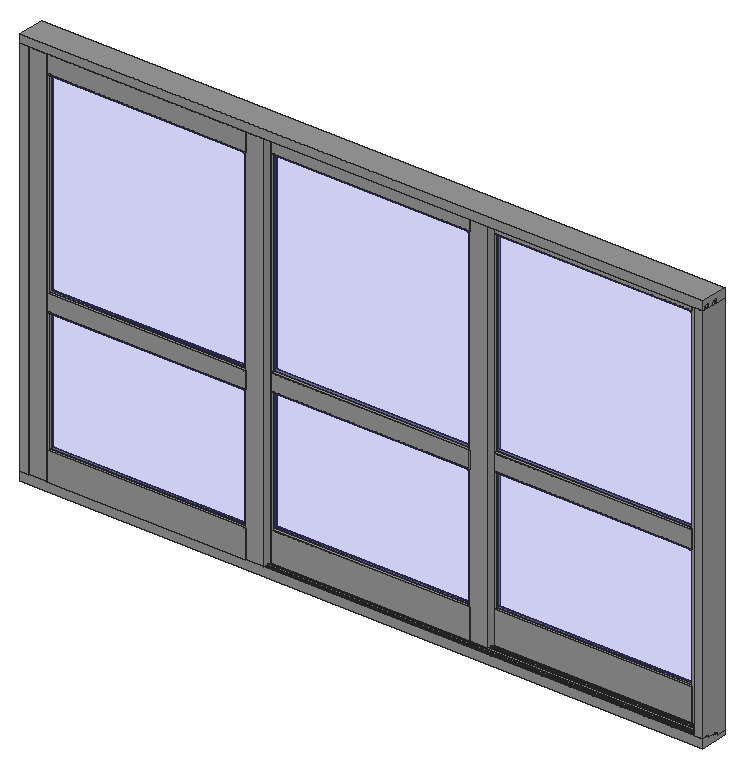
Revit family "VSD3.6G2TS RH", category Doors, host Wall, Revit 2015
Parameters (values of type "VSD3.6G2TS RH")
  Function = Interior
  Frame Projection Ext. = 25 mm
  Frame Projection Int. = 25 mm
  Frame Width = 75 mm
  Height = 2100 mm
  Wall Closure = By host
  Width = 3580 mm
Reference planes
  plane 1: y = 0
  plane 2 "Center (Left/Right)": x = 0
  plane 3 "Left": x = -1790
  plane 4 "Right": x = 1790
  plane 5: z = 2100
  plane 6 "Exterior": y = 75
  plane 7 "Interior": y = -75
  plane 8: x = -1745
  plane 9: x = -1640
  plane 10: x = 1745
  plane 11: x = 1640
  plane 12: x = -616.667
  plane 13: x = -511.667
  plane 14: x = 616.667
  plane 15: x = 511.667
  plane 16: x = -616.667
  plane 17: x = -511.667
  plane 18: x = 616.667
  plane 19: x = 511.667
  plane 20: x = 1640
  plane 21: x = 1745
  plane 22: x = 511.667
  plane 23: x = 616.667
Forms (mm)
  Extrusion 1, solid, material "Lauan, Meranti"
    sketch origin (0, 79.18, -119.746) x (0, 1, 0) y (0, 0, 1)
      loop
        line (-149.18, 119.746) -> (-9.18, 119.746) -> (-9.18, 140.746) -> (-61.18, 140.746) -> (-61.18, 151.746) -> (-85.18, 151.746) -> (-85.18, 152.746) -> (-117.18, 152.746) -> (-117.18, 163.746) -> (-141.18, 163.746) -> (-141.18, 164.746) -> (-149.18, 164.746) -> (-149.18, 119.746)
    from -1790 to 1790
  Extrusion 2, solid, material "Lauan, Meranti"
    sketch origin (0, 0, 0) x (0, 1, 0) y (0, 0, 1)
      loop
        line (70, 2100) -> (-70, 2100) -> (-70, 2055) -> (-61, 2055) -> (-61, 2075) -> (-39, 2075) -> (-39, 2055) -> (-5, 2055) -> (-5, 2075) -> (17, 2075) -> (17, 2055) -> (70, 2055) -> (70, 2100)
    from -1790 to 1790
  Extrusion 3, solid, material "Lauan, Meranti"
    sketch origin (0, 0, 0) x (1, 0, 0) y (0, 1, 0)
      loop
        line (-1790, 70) -> (-1790, -70) -> (-1745, -70) -> (-1745, 50) -> (-1747, 50) -> (-1747, 70) -> (-1790, 70)
      loop
        line (1790, 70) -> (1747, 70) -> (1747, 50) -> (1745, 50) -> (1745, -70) -> (1790, -70) -> (1790, 70)
    from 45 to 2055
  Extrusion 4, solid, material "Lauan, Meranti"
    sketch origin (0, 0, 0) x (1, 0, 0) y (0, 1, 0)
      loop
        line (-1745, 50) -> (-1747, 50) -> (-1747, 70) -> (-1790, 70) -> (-1790, -38) -> (-1745, -38) -> (-1745, 50)
      loop
        line (1745, 50) -> (1745, -38) -> (1790, -38) -> (1790, 70) -> (1747, 70) -> (1747, 50) -> (1745, 50)
    from 33 to 45
  Extrusion 5, solid, material "Steel, Chrome Plated"
    sketch origin (0, 0, 0) x (0, 1, 0) y (0, 0, 1)
      loop
        line (-38, 45) -> (-49, 45) -> (-49, 46.882)
        arc (-49, 46.882) -> (-50, 49.5) -> (-51, 46.882) r 1.5
        line (-51, 46.882) -> (-51, 45) -> (-62, 45) -> (-62, 44) -> (-38, 44) -> (-38, 45)
    from -1790 to 1790
  Extrusion 6, solid, material "Lauan, Meranti"
    sketch origin (0, 0, 0) x (1, 0, 0) y (0, 1, 0)
      loop
        line (-1790, 70) -> (-1790, 18) -> (-1745, 18) -> (-1745, 50) -> (-1747, 50) -> (-1747, 70) -> (-1790, 70)
      loop
        line (1790, 70) -> (1747, 70) -> (1747, 50) -> (1745, 50) -> (1745, 18) -> (1790, 18) -> (1790, 70)
    from 21 to 33
  Extrusion 7, solid, material "Steel, Chrome Plated"
    sketch origin (0, 56, -12) x (0, 1, 0) y (0, 0, 1)
      loop
        line (-38, 45) -> (-49, 45) -> (-49, 46.882)
        arc (-49, 46.882) -> (-50, 49.5) -> (-51, 46.882) r 1.5
        line (-51, 46.882) -> (-51, 45) -> (-62, 45) -> (-62, 44) -> (-38, 44) -> (-38, 45)
    from -616.667 to 1790
  Extrusion 8, solid, material "Lauan, Meranti"
    sketch origin (0, 0, 0) x (1, 0, 0) y (0, 1, 0)
      loop
        line (-1649, -70) -> (-1649, -68)
        arc (-1649, -68) -> (-1644.265, -66.44) -> (-1642, -62) r 6.549
        line (-1642, -62) -> (-1640, -62) -> (-1640, -60) -> (-1649, -60) -> (-1649, -30) -> (-1745, -30) -> (-1745, -70) -> (-1649, -70)
      loop
        line (-607.667, -70) -> (-511.667, -70) -> (-511.667, -30) -> (-607.667, -30) -> (-607.667, -60) -> (-616.667, -60) -> (-616.667, -62) -> (-614.667, -62)
        arc (-614.667, -62) -> (-612.401, -66.44) -> (-607.667, -68) r 6.549
        line (-607.667, -68) -> (-607.667, -70)
    from 45 to 2055
  Extrusion 9, solid, material "Lauan, Meranti"
    sketch origin (1630, 104, 0) x (1, 0, 0) y (0, 1, 0)
      loop
        line (19, -70) -> (115, -70) -> (115, -30) -> (19, -30) -> (19, -60) -> (10, -60) -> (10, -62) -> (12, -62)
        arc (12, -62) -> (14.265, -66.44) -> (19, -68) r 6.549
        line (19, -68) -> (19, -70)
      loop
        line (-1022.333, -70) -> (-1022.333, -68)
        arc (-1022.333, -68) -> (-1017.599, -66.44) -> (-1015.333, -62) r 6.549
        line (-1015.333, -62) -> (-1013.333, -62) -> (-1013.333, -60) -> (-1022.333, -60) -> (-1022.333, -30) -> (-1118.333, -30) -> (-1118.333, -70) -> (-1022.333, -70)
    from 21 to 2055
  Extrusion 10, solid, material "Lauan, Meranti"
    sketch origin (815, 56, 0) x (1, 0, 0) y (0, 1, 0)
      loop
        line (-1335.667, -70) -> (-1335.667, -68)
        arc (-1335.667, -68) -> (-1330.932, -66.44) -> (-1328.667, -62) r 6.549
        line (-1328.667, -62) -> (-1326.667, -62) -> (-1326.667, -60) -> (-1335.667, -60) -> (-1335.667, -30) -> (-1431.667, -30) -> (-1431.667, -70) -> (-1335.667, -70)
      loop
        line (-294.333, -70) -> (-198.333, -70) -> (-198.333, -30) -> (-294.333, -30) -> (-294.333, -60) -> (-303.333, -60) -> (-303.333, -62) -> (-301.333, -62)
        arc (-301.333, -62) -> (-299.068, -66.44) -> (-294.333, -68) r 6.549
        line (-294.333, -68) -> (-294.333, -70)
    from 33 to 2055
  Extrusion 11, solid, material "Steel, Chrome Plated"
    sketch origin (0, 0, 0) x (0, 1, 0) y (0, 0, 1)
      loop
        line (16.5, 2075) -> (-4.5, 2075) -> (-4.5, 2055) -> (-2.3, 2055) -> (-2.3, 2072.8) -> (14.3, 2072.8) -> (14.3, 2055) -> (16.5, 2055) -> (16.5, 2075)
    from -1790 to 1790
  Extrusion 12, solid, material "Steel, Chrome Plated"
    sketch origin (0, -56, 0) x (0, 1, 0) y (0, 0, 1)
      loop
        line (16.5, 2075) -> (-4.5, 2075) -> (-4.5, 2055) -> (-2.3, 2055) -> (-2.3, 2072.8) -> (14.3, 2072.8) -> (14.3, 2055) -> (16.5, 2055) -> (16.5, 2075)
    from -1790 to 1790
  Extrusion 13, solid, material "Lauan, Meranti"
    sketch origin (1710.468, 46.5, 0) x (0, 1, 0) y (0, 0, 1)
      loop
        line (-4.5, 1952) -> (-4.5, 1950) -> (-2.5, 1950) -> (-2.5, 1959) -> (27.5, 1959) -> (27.5, 2055) -> (-12.5, 2055) -> (-12.5, 1959) -> (-10.5, 1959)
        arc (-10.5, 1959) -> (-8.866, 1954.33) -> (-4.5, 1952) r 6.807
      loop
        line (-12.5, 192) -> (-12.5, 21) -> (27.5, 21) -> (27.5, 192) -> (-2.5, 192) -> (-2.5, 201) -> (-4.5, 201) -> (-4.5, 199)
        arc (-4.5, 199) -> (-8.866, 196.67) -> (-10.5, 192) r 6.807
        line (-10.5, 192) -> (-12.5, 192)
      loop
        line (-5.5, 930) -> (-5.5, 939) -> (-7.5, 939) -> (-7.5, 937)
        arc (-7.5, 937) -> (-11.866, 934.67) -> (-13.5, 930) r 6.807
        line (-13.5, 930) -> (-15.5, 930) -> (-15.5, 843) -> (-13.5, 843)
        arc (-13.5, 843) -> (-11.866, 838.33) -> (-7.5, 836) r 6.807
        line (-7.5, 836) -> (-7.5, 834) -> (-5.5, 834) -> (-5.5, 843) -> (24.5, 843) -> (24.5, 930) -> (-5.5, 930)
    from -1102.801 to -61.468
  Sweep 14, solid, material "Lauan, Meranti"
    path origin (866.541, -71.95, -1407.63) x (1, 0, 0) y (0, 0, 1)
      loop
        line (-258.874, 3366.63) -> (-258.874, 2337.63) -> (782.459, 2337.63) -> (782.459, 3366.63) -> (-258.874, 3366.63)
    profile origin (1128.333, -71.95, 1959) x (0, 0, 1) y (0, -1, 0)
      loop
        line (-9, -124.5) -> (-9, -126.5) -> (-7, -126.5)
        arc (-7, -126.5) -> (-4.67, -130.866) -> (0, -132.5) r 6.807
        line (0, -132.5) -> (0, -124.5) -> (-9, -124.5)
  Extrusion 15, solid, material "Glass"
    sketch origin (1161.517, -61, -241.167) x (1, 0, 0) y (0, 0, 1)
      loop
        line (-553.85, 2200.167) -> (-553.85, 1171.167) -> (487.483, 1171.167) -> (487.483, 2200.167) -> (-553.85, 2200.167)
      loop
        line (-553.85, 1084.167) -> (-553.85, 433.167) -> (487.483, 433.167) -> (487.483, 1084.167) -> (-553.85, 1084.167)
    from -112.5 to -106.1
  Sweep 16, solid, material "Lauan, Meranti"
    path origin (866.541, -71.95, -2523.63) x (1, 0, 0) y (0, 0, 1)
      loop
        line (-258.874, 3366.63) -> (-258.874, 2715.63) -> (782.459, 2715.63) -> (782.459, 3366.63) -> (-258.874, 3366.63)
    profile origin (1128.333, -71.95, 843) x (0, 0, 1) y (0, -1, 0)
      loop
        line (-9, -124.5) -> (-9, -126.5) -> (-7, -126.5)
        arc (-7, -126.5) -> (-4.67, -130.866) -> (0, -132.5) r 6.807
        line (0, -132.5) -> (0, -124.5) -> (-9, -124.5)
  Extrusion 17, solid, material "Lauan, Meranti"
    sketch origin (417.134, 46.5, 0) x (0, 1, 0) y (0, 0, 1)
      loop
        line (-52.5, 1952) -> (-52.5, 1950) -> (-50.5, 1950) -> (-50.5, 1959) -> (-20.5, 1959) -> (-20.5, 2055) -> (-60.5, 2055) -> (-60.5, 1959) -> (-58.5, 1959)
        arc (-58.5, 1959) -> (-56.866, 1954.33) -> (-52.5, 1952) r 6.807
      loop
        line (-60.5, 192) -> (-60.5, 33) -> (-20.5, 33) -> (-20.5, 192) -> (-50.5, 192) -> (-50.5, 201) -> (-52.5, 201) -> (-52.5, 199)
        arc (-52.5, 199) -> (-56.866, 196.67) -> (-58.5, 192) r 6.807
        line (-58.5, 192) -> (-60.5, 192)
      loop
        line (-52, 930) -> (-52, 939) -> (-54, 939) -> (-54, 937)
        arc (-54, 937) -> (-58.366, 934.67) -> (-60, 930) r 6.807
        line (-60, 930) -> (-62, 930) -> (-62, 843) -> (-60, 843)
        arc (-60, 843) -> (-58.366, 838.33) -> (-54, 836) r 6.807
        line (-54, 836) -> (-54, 834) -> (-52, 834) -> (-52, 843) -> (-22, 843) -> (-22, 930) -> (-52, 930)
    from -937.801 to 103.532
  Sweep 18, solid, material "Lauan, Meranti"
    path origin (-261.802, -119.95, -1407.63) x (1, 0, 0) y (0, 0, 1)
      loop
        line (-258.864, 3366.63) -> (-258.864, 2337.63) -> (782.459, 2337.63) -> (782.459, 3366.63) -> (-258.864, 3366.63)
    profile origin (-0.005, -119.95, 1959) x (0, 0, 1) y (0, -1, 0)
      loop
        line (-9, -124.5) -> (-9, -126.5) -> (-7, -126.5)
        arc (-7, -126.5) -> (-4.67, -130.866) -> (0, -132.5) r 6.807
        line (0, -132.5) -> (0, -124.5) -> (-9, -124.5)
  Extrusion 19, solid, material "Glass"
    sketch origin (33.174, -109, -241.167) x (1, 0, 0) y (0, 0, 1)
      loop
        line (-553.841, 2200.167) -> (-553.841, 1171.167) -> (487.483, 1171.167) -> (487.483, 2200.167) -> (-553.841, 2200.167)
      loop
        line (-553.841, 1084.167) -> (-553.841, 433.508) -> (487.483, 433.508) -> (487.483, 1084.167) -> (-553.841, 1084.167)
    from -112.5 to -106.1
  Sweep 20, solid, material "Lauan, Meranti"
    path origin (-261.802, -119.95, -2523.63) x (1, 0, 0) y (0, 0, 1)
      loop
        line (-258.864, 3366.63) -> (-258.864, 2715.63) -> (782.459, 2715.63) -> (782.459, 3366.63) -> (-258.864, 3366.63)
    profile origin (-0.005, -119.95, 843) x (0, 0, 1) y (0, -1, 0)
      loop
        line (-9, -124.5) -> (-9, -126.5) -> (-7, -126.5)
        arc (-7, -126.5) -> (-4.67, -130.866) -> (0, -132.5) r 6.807
        line (0, -132.5) -> (0, -124.5) -> (-9, -124.5)
  Extrusion 21, solid, material "Lauan, Meranti"
    sketch origin (-816.199, 46.5, 0) x (0, 1, 0) y (0, 0, 1)
      loop
        line (-108.5, 1952) -> (-108.5, 1950) -> (-106.5, 1950) -> (-106.5, 1959) -> (-76.5, 1959) -> (-76.5, 2055) -> (-116.5, 2055) -> (-116.5, 1959) -> (-114.5, 1959)
        arc (-114.5, 1959) -> (-112.866, 1954.33) -> (-108.5, 1952) r 6.807
      loop
        line (-116.5, 192) -> (-116.5, 45) -> (-76.5, 45) -> (-76.5, 192) -> (-106.5, 192) -> (-106.5, 201) -> (-108.5, 201) -> (-108.5, 199)
        arc (-108.5, 199) -> (-112.866, 196.67) -> (-114.5, 192) r 6.807
        line (-114.5, 192) -> (-116.5, 192)
      loop
        line (-76.5, 930) -> (-106.5, 930) -> (-106.5, 939) -> (-108.5, 939) -> (-108.5, 937)
        arc (-108.5, 937) -> (-112.866, 934.67) -> (-114.5, 930) r 6.807
        line (-114.5, 930) -> (-116.5, 930) -> (-116.5, 843) -> (-114.5, 843)
        arc (-114.5, 843) -> (-112.866, 838.33) -> (-108.5, 836) r 6.807
        line (-108.5, 836) -> (-108.5, 834) -> (-106.5, 834) -> (-106.5, 843) -> (-76.5, 843) -> (-76.5, 930)
    from -832.801 to 208.532
  Sweep 22, solid, material "Lauan, Meranti"
    path origin (-1390.136, -175.95, -1407.63) x (1, 0, 0) y (0, 0, 1)
      loop
        line (-258.864, 3366.63) -> (-258.864, 2337.63) -> (782.459, 2337.63) -> (782.459, 3366.63) -> (-258.864, 3366.63)
    profile origin (-1128.338, -175.95, 1959) x (0, 0, 1) y (0, -1, 0)
      loop
        line (-9, -124.5) -> (-9, -126.5) -> (-7, -126.5)
        arc (-7, -126.5) -> (-4.67, -130.866) -> (0, -132.5) r 6.807
        line (0, -132.5) -> (0, -124.5) -> (-9, -124.5)
  Extrusion 23, solid, material "Glass"
    sketch origin (-1095.159, -165, -241.167) x (1, 0, 0) y (0, 0, 1)
      loop
        line (-553.841, 2200.167) -> (-553.841, 1171.167) -> (487.483, 1171.167) -> (487.483, 2200.167) -> (-553.841, 2200.167)
      loop
        line (-553.841, 1084.167) -> (-553.841, 431.005) -> (487.483, 431.005) -> (487.483, 1084.167) -> (-553.841, 1084.167)
    from -112.5 to -106.1
  Sweep 24, solid, material "Lauan, Meranti"
    path origin (-1390.136, -175.95, -2523.63) x (1, 0, 0) y (0, 0, 1)
      loop
        line (-258.864, 3366.63) -> (-258.864, 2715.63) -> (782.459, 2715.63) -> (782.459, 3366.63) -> (-258.864, 3366.63)
    profile origin (-1128.338, -175.95, 843) x (0, 0, 1) y (0, -1, 0)
      loop
        line (-9, -124.5) -> (-9, -126.5) -> (-7, -126.5)
        arc (-7, -126.5) -> (-4.67, -130.866) -> (0, -132.5) r 6.807
        line (0, -132.5) -> (0, -124.5) -> (-9, -124.5)
Cuts and joins
  joined: Extrusion 3, Extrusion 4, Extrusion 6
Lines and regions (mm)
  Opening 1
    outline origin (-5000, -75, 0) x (1, 0, 0) y (0, 0, 1)
      loop
        line (3210, 0) -> (6790, 0) -> (6790, 2100) -> (3210, 2100) -> (3210, 0)
  model lines
    curve 1: line (-255.153, 99.5, 1050) -> (85.77, 99.5, 1050)
    curve 2: line (224.847, 99.5, 1050) -> (85.77, 99.5, 1106.191)
    curve 3: line (85.77, 99.5, 1106.191) -> (85.77, 99.5, 993.809)
    curve 4: line (224.847, 99.5, 1050) -> (85.77, 99.5, 993.809)
    curve 5: line (-1383.486, 99.5, 1050) -> (-1042.564, 99.5, 1050)
    curve 6: line (-903.486, 99.5, 1050) -> (-1042.564, 99.5, 1106.191)
    curve 7: line (-1042.564, 99.5, 1106.191) -> (-1042.564, 99.5, 993.809)
    curve 8: line (-903.486, 99.5, 1050) -> (-1042.564, 99.5, 993.809)
Text (mm)
  text "Exterior" at (-2295.016, 1099.543, 0), in view "Ref. Level"
  text "Exterior" at (0, 1615.38, 3698.081), in view "Left"
  text "Exterior" at (0, 1036.032, 3874.932), in view "Right"
Dimensions and locks
  equal spacing: plane 3 "Left", plane 2 "Center (Left/Right)", plane 4 "Right"
  "Width": plane 3 "Left" to plane 4 "Right"
  "Height": plane 5 to host wall
  host wall to plane 5 = 2100 mm  (x2)
  locked: plane 6 "Exterior" to host wall at 0
  locked: plane 7 "Interior" to host wall
  plane 3 "Left" to plane 4 "Right" = 3580 mm
  aligned and locked: plane 1 to host wall
  aligned and locked: Opening 1 sketch curve to level
  aligned and locked: Extrusion 9 to Extrusion 13
  aligned and locked: Extrusion 10 to Extrusion 17
  aligned and locked: Extrusion 8 to Extrusion 21
Automatic sketch dimensions
  curve 7 to plane 3 "Left" = 747.436 mm
  curve 5 to curve 8 = 139.078 mm
  plane 2 "Center (Left/Right)" to curve 3 = 85.77 mm
  curve 1 to curve 4 = 139.078 mm
  level to curve 4 = 993.809 mm
  level to curve 7 = 993.809 mm
  curve 7 to curve 8 = 56.191 mm
  curve 3 to curve 4 = 56.191 mm
  curve 3 to curve 3 = 112.382 mm
  curve 7 to curve 7 = 112.382 mm
  curve 5 to curve 5 = 340.922 mm
  curve 1 to plane 2 "Center (Left/Right)" = 255.153 mm
  curve 3 to curve 1 = 56.191 mm
  curve 5 to curve 6 = 56.191 mm
  plane 3 "Left" to Opening 1 sketch curve = 0 mm
  plane 4 "Right" to Opening 1 sketch curve = 0 mm
  Opening 1 sketch curve to plane 5 = 0 mm
  Extrusion 1 sketch curve to level = 0 mm
  Extrusion 1 sketch curve to host wall = 5 mm  (x2)
  Extrusion 1 sketch curve to Extrusion 1 sketch curve = 8 mm
  Extrusion 1 sketch curve to Extrusion 1 sketch curve = 24 mm
  host wall to Extrusion 1 sketch curve = 6 mm
  Extrusion 1 sketch curve to host wall = 18 mm
  level to Extrusion 1 sketch curve = 21 mm
  Extrusion 1 sketch curve to Extrusion 1 sketch curve = 11 mm  (x2)
  Extrusion 1 sketch curve to Extrusion 1 sketch curve = 1 mm  (x2)
  plane 5 to Extrusion 2 sketch curve = 0 mm
  Extrusion 2 sketch curve to host wall = 5 mm  (x2)
  Extrusion 2 sketch curve to Extrusion 2 sketch curve = 9 mm
  Extrusion 2 sketch curve to Extrusion 2 sketch curve = 22 mm
  host wall to Extrusion 2 sketch curve = 5 mm
  Extrusion 2 sketch curve to host wall = 17 mm
  plane 5 to Extrusion 2 sketch curve = 25 mm  (x2)
  Extrusion 2 sketch curve to Extrusion 2 sketch curve = 20 mm  (x3)
  Extrusion 3 sketch curve to plane 3 "Left" = 0 mm
  Extrusion 3 sketch curve to plane 4 "Right" = 0 mm
  Extrusion 3 sketch curve to plane 3 "Left" = 43 mm
  Extrusion 3 sketch curve to host wall = 5 mm  (x4)
  Extrusion 3 sketch curve to Extrusion 3 sketch curve = 45 mm
  plane 4 "Right" to Extrusion 3 sketch curve = 45 mm
  Extrusion 3 sketch curve to Extrusion 3 sketch curve = 2 mm
  Extrusion 3 sketch curve to host wall = 25 mm  (x2)
  Extrusion 4 sketch curve to plane 3 "Left" = 0 mm
  Extrusion 4 sketch curve to plane 4 "Right" = 0 mm
  Extrusion 4 sketch curve to plane 3 "Left" = 43 mm
  Extrusion 4 sketch curve to Extrusion 4 sketch curve = 2 mm  (x2)
  plane 4 "Right" to Extrusion 4 sketch curve = 45 mm
  Extrusion 4 sketch curve to host wall = 5 mm  (x2)
  Extrusion 4 sketch curve to host wall = 25 mm
  Extrusion 4 sketch curve to Extrusion 4 sketch curve = 20 mm
  Extrusion 4 sketch curve to host wall = 37 mm  (x2)
  Extrusion 5 sketch curve to host wall = 13 mm
  Extrusion 5 sketch curve to Extrusion 5 sketch curve = 11 mm  (x2)
  Extrusion 5 sketch curve to Extrusion 5 sketch curve = 1 mm  (x4)
  level to Extrusion 5 sketch curve = 44 mm
  Extrusion 5 sketch curve to Extrusion 5 sketch curve = 1.882 mm
  Extrusion 5 sketch curve to Extrusion 5 sketch curve = 1.118 mm
  Extrusion 6 sketch curve to plane 3 "Left" = 0 mm
  Extrusion 6 sketch curve to plane 4 "Right" = 0 mm
  Extrusion 6 sketch curve to host wall = 5 mm  (x2)
  Extrusion 6 sketch curve to Extrusion 6 sketch curve = 43 mm
  Extrusion 6 sketch curve to Extrusion 6 sketch curve = 2 mm  (x2)
  Extrusion 6 sketch curve to host wall = 18 mm  (x2)
  Extrusion 6 sketch curve to Extrusion 6 sketch curve = 45 mm
  Extrusion 6 sketch curve to Extrusion 6 sketch curve = 20 mm
  Extrusion 6 sketch curve to host wall = 25 mm
  host wall to Extrusion 7 sketch curve = 6 mm
  Extrusion 7 sketch curve to host wall = 5 mm
  Extrusion 7 sketch curve to Extrusion 7 sketch curve = 1 mm  (x4)
  Extrusion 7 sketch curve to Extrusion 7 sketch curve = 11 mm
  level to Extrusion 7 sketch curve = 32 mm
  Extrusion 7 sketch curve to Extrusion 7 sketch curve = 1.882 mm
  Extrusion 7 sketch curve to Extrusion 7 sketch curve = 1.118 mm
  Extrusion 8 sketch curve to plane 8 = 0 mm
  Extrusion 8 sketch curve to plane 9 = 0 mm
  Extrusion 8 sketch curve to plane 12 = 0 mm
  Extrusion 8 sketch curve to plane 13 = 0 mm
  plane 9 to Extrusion 8 sketch curve = 9 mm  (x2)
  Extrusion 8 sketch curve to Extrusion 8 sketch curve = 0.473 mm  (x3)
  Extrusion 8 sketch curve to Extrusion 8 sketch curve = 2 mm  (x5)
  Extrusion 8 sketch curve to Extrusion 8 sketch curve = 6.527 mm
  Extrusion 8 sketch curve to host wall = 5 mm  (x2)
  Extrusion 8 sketch curve to Extrusion 8 sketch curve = 6 mm  (x2)
  Extrusion 8 sketch curve to Extrusion 8 sketch curve = 1.468 mm
  host wall to Extrusion 8 sketch curve = 30 mm  (x2)
  Extrusion 9 sketch curve to plane 22 = 0 mm
  Extrusion 9 sketch curve to plane 23 = 0 mm
  Extrusion 9 sketch curve to plane 20 = 0 mm
  Extrusion 9 sketch curve to plane 21 = 0 mm
  Extrusion 9 sketch curve to Extrusion 9 sketch curve = 9 mm
  Extrusion 9 sketch curve to Extrusion 9 sketch curve = 0 mm
  Extrusion 9 sketch curve to Extrusion 9 sketch curve = 0.473 mm  (x2)
  Extrusion 9 sketch curve to Extrusion 9 sketch curve = 2 mm  (x6)
  Extrusion 9 sketch curve to Extrusion 9 sketch curve = 6.527 mm
  Extrusion 9 sketch curve to host wall = 1 mm  (x2)
  Extrusion 9 sketch curve to plane 20 = 9 mm
  Extrusion 9 sketch curve to host wall = 31 mm  (x2)
  Extrusion 9 sketch curve to Extrusion 9 sketch curve = 1.468 mm  (x2)
  Extrusion 10 sketch curve to plane 16 = 0 mm
  Extrusion 10 sketch curve to plane 17 = 0 mm
  Extrusion 10 sketch curve to plane 19 = 0 mm
  Extrusion 10 sketch curve to plane 18 = 0 mm
  plane 17 to Extrusion 10 sketch curve = 9 mm  (x2)
  Extrusion 10 sketch curve to Extrusion 10 sketch curve = 0.473 mm  (x3)
  Extrusion 10 sketch curve to Extrusion 10 sketch curve = 2 mm  (x5)
  host wall to Extrusion 10 sketch curve = 5.468 mm
  Extrusion 10 sketch curve to Extrusion 10 sketch curve = 6.527 mm
  host wall to Extrusion 10 sketch curve = 6 mm  (x2)
  Extrusion 10 sketch curve to Extrusion 10 sketch curve = 6 mm
  Extrusion 10 sketch curve to Extrusion 10 sketch curve = 1.468 mm
  Extrusion 10 sketch curve to host wall = 26 mm  (x2)
  host wall to Extrusion 11 sketch curve = 4.5 mm
  host wall to Extrusion 11 sketch curve = 2.3 mm
  Extrusion 11 sketch curve to host wall = 14.3 mm
  Extrusion 11 sketch curve to Extrusion 11 sketch curve = 2.2 mm  (x2)
  plane 5 to Extrusion 11 sketch curve = 45 mm
  Extrusion 11 sketch curve to Extrusion 11 sketch curve = 0 mm
  Extrusion 11 sketch curve to Extrusion 11 sketch curve = 17.8 mm
  Extrusion 12 sketch curve to host wall = 14.5 mm
  Extrusion 12 sketch curve to Extrusion 12 sketch curve = 2.2 mm  (x3)
  Extrusion 12 sketch curve to Extrusion 12 sketch curve = 16.6 mm
  plane 5 to Extrusion 12 sketch curve = 45 mm
  Extrusion 12 sketch curve to Extrusion 12 sketch curve = 0 mm
  Extrusion 12 sketch curve to Extrusion 12 sketch curve = 17.8 mm
  Extrusion 13 sketch curve to host wall = 31 mm
  Extrusion 13 sketch curve to Extrusion 13 sketch curve = 2 mm  (x11)
  Extrusion 13 sketch curve to host wall = 34 mm  (x2)
  Extrusion 13 sketch curve to Extrusion 13 sketch curve = 6 mm  (x4)
  Extrusion 13 sketch curve to Extrusion 13 sketch curve = 6.803 mm  (x2)
  Extrusion 13 sketch curve to Extrusion 13 sketch curve = 0.803 mm  (x2)
  Extrusion 13 sketch curve to Extrusion 13 sketch curve = 1.197 mm
  Extrusion 13 sketch curve to host wall = 4 mm
  Extrusion 13 sketch curve to host wall = 1 mm  (x2)
  level to Extrusion 13 sketch curve = 21 mm
  Extrusion 13 sketch curve to Extrusion 13 sketch curve = 171 mm
  Extrusion 13 sketch curve to Extrusion 13 sketch curve = 0 mm  (x2)
  Extrusion 13 sketch curve to Extrusion 13 sketch curve = 0.241 mm  (x4)
  Extrusion 13 sketch curve to Extrusion 13 sketch curve = 633 mm
  Extrusion 13 sketch curve to Extrusion 13 sketch curve = 6.759 mm  (x2)
  Extrusion 13 sketch curve to Extrusion 13 sketch curve = 87 mm
  plane 5 to Extrusion 13 sketch curve = 150 mm
  plane 5 to Extrusion 13 sketch curve = 45 mm
  plane 2 "Center (Left/Right)" to Sweep 14 sketch curve = 607.667 mm
  plane 4 "Right" to Sweep 14 sketch curve = 141 mm
  level to Sweep 14 sketch curve = 930 mm
  plane 5 to Sweep 14 sketch curve = 141 mm
  profile plane to Sweep 14 sketch curve = 0 mm
  profile plane to Sweep 14 sketch curve = 0.241 mm
  Sweep 14 sketch curve to Sweep 14 sketch curve = 6.759 mm
  Sweep 14 sketch curve to Sweep 14 sketch curve = 2 mm  (x2)
  Sweep 14 sketch curve to profile plane = 132.5 mm
  Sweep 14 sketch curve to Sweep 14 sketch curve = 6 mm
  plane 5 to Extrusion 15 sketch curve = 141 mm
  plane 2 "Center (Left/Right)" to Extrusion 15 sketch curve = 607.667 mm  (x2)
  level to Extrusion 15 sketch curve = 192 mm
  plane 4 "Right" to Extrusion 15 sketch curve = 141 mm  (x2)
  Extrusion 15 sketch curve to Extrusion 15 sketch curve = 651 mm
  Extrusion 15 sketch curve to Extrusion 15 sketch curve = 87 mm
  level to Sweep 16 sketch curve = 192 mm
  plane 2 "Center (Left/Right)" to Sweep 16 sketch curve = 607.667 mm
  plane 4 "Right" to Sweep 16 sketch curve = 141 mm
  Sweep 16 sketch curve to Sweep 16 sketch curve = 651 mm
  profile plane to Sweep 16 sketch curve = 0 mm
  profile plane to Sweep 16 sketch curve = 0.241 mm
  Sweep 16 sketch curve to Sweep 16 sketch curve = 6.759 mm
  Sweep 16 sketch curve to Sweep 16 sketch curve = 2 mm  (x2)
  Sweep 16 sketch curve to profile plane = 132.5 mm
  Sweep 16 sketch curve to Sweep 16 sketch curve = 6 mm
  host wall to Extrusion 17 sketch curve = 15.5 mm
  host wall to Extrusion 17 sketch curve = 14 mm  (x2)
  Extrusion 17 sketch curve to Extrusion 17 sketch curve = 2 mm  (x9)
  host wall to Extrusion 17 sketch curve = 7.5 mm  (x2)
  host wall to Extrusion 17 sketch curve = 6.697 mm  (x2)
  host wall to Extrusion 17 sketch curve = 6 mm  (x2)
  Extrusion 17 sketch curve to Extrusion 17 sketch curve = 1.197 mm  (x3)
  host wall to Extrusion 17 sketch curve = 5.197 mm  (x2)
  Extrusion 17 sketch curve to host wall = 24.5 mm
  Extrusion 17 sketch curve to host wall = 26 mm  (x2)
  level to Extrusion 17 sketch curve = 33 mm
  Extrusion 17 sketch curve to Extrusion 17 sketch curve = 159 mm
  Extrusion 17 sketch curve to Extrusion 17 sketch curve = 0 mm  (x2)
  Extrusion 17 sketch curve to Extrusion 17 sketch curve = 0.241 mm  (x4)
  Extrusion 17 sketch curve to Extrusion 17 sketch curve = 633 mm
  Extrusion 17 sketch curve to Extrusion 17 sketch curve = 6.759 mm  (x2)
  Extrusion 17 sketch curve to Extrusion 17 sketch curve = 87 mm
  plane 5 to Extrusion 17 sketch curve = 150 mm
  plane 5 to Extrusion 17 sketch curve = 45 mm
  Sweep 18 sketch curve to plane 2 "Center (Left/Right)" = 520.667 mm
  plane 2 "Center (Left/Right)" to Sweep 18 sketch curve = 520.657 mm
  level to Sweep 18 sketch curve = 930 mm
  plane 5 to Sweep 18 sketch curve = 141 mm
  profile plane to Sweep 18 sketch curve = 0 mm
  profile plane to Sweep 18 sketch curve = 0.241 mm
  Sweep 18 sketch curve to Sweep 18 sketch curve = 6.759 mm
  Sweep 18 sketch curve to Sweep 18 sketch curve = 2 mm  (x2)
  Sweep 18 sketch curve to profile plane = 132.5 mm
  Sweep 18 sketch curve to Sweep 18 sketch curve = 6 mm
  plane 5 to Extrusion 19 sketch curve = 141 mm
  Extrusion 19 sketch curve to plane 2 "Center (Left/Right)" = 520.667 mm  (x2)
  level to Extrusion 19 sketch curve = 192.342 mm
  plane 2 "Center (Left/Right)" to Extrusion 19 sketch curve = 520.657 mm  (x2)
  Extrusion 19 sketch curve to Extrusion 19 sketch curve = 650.658 mm
  Extrusion 19 sketch curve to Extrusion 19 sketch curve = 87 mm
  level to Sweep 20 sketch curve = 192 mm
  Sweep 20 sketch curve to plane 2 "Center (Left/Right)" = 520.667 mm
  plane 2 "Center (Left/Right)" to Sweep 20 sketch curve = 520.657 mm
  Sweep 20 sketch curve to Sweep 20 sketch curve = 651 mm
  profile plane to Sweep 20 sketch curve = 0 mm
  profile plane to Sweep 20 sketch curve = 0.241 mm
  Sweep 20 sketch curve to Sweep 20 sketch curve = 6.759 mm
  Sweep 20 sketch curve to Sweep 20 sketch curve = 2 mm  (x2)
  Sweep 20 sketch curve to profile plane = 132.5 mm
  Sweep 20 sketch curve to Sweep 20 sketch curve = 6 mm
  Extrusion 21 sketch curve to host wall = 5 mm  (x3)
  Extrusion 21 sketch curve to Extrusion 21 sketch curve = 2 mm  (x11)
  Extrusion 21 sketch curve to Extrusion 21 sketch curve = 6 mm  (x4)
  Extrusion 21 sketch curve to Extrusion 21 sketch curve = 0.803 mm  (x3)
  Extrusion 21 sketch curve to Extrusion 21 sketch curve = 6.803 mm
  Extrusion 21 sketch curve to Extrusion 21 sketch curve = 1.197 mm
  host wall to Extrusion 21 sketch curve = 30 mm  (x2)
  Extrusion 21 sketch curve to Extrusion 21 sketch curve = 30 mm
  level to Extrusion 21 sketch curve = 45 mm
  Extrusion 21 sketch curve to Extrusion 21 sketch curve = 147 mm
  Extrusion 21 sketch curve to Extrusion 21 sketch curve = 0 mm  (x2)
  Extrusion 21 sketch curve to Extrusion 21 sketch curve = 0.241 mm  (x4)
  Extrusion 21 sketch curve to Extrusion 21 sketch curve = 633 mm
  Extrusion 21 sketch curve to Extrusion 21 sketch curve = 6.759 mm  (x2)
  Extrusion 21 sketch curve to Extrusion 21 sketch curve = 87 mm
  plane 5 to Extrusion 21 sketch curve = 150 mm
  plane 5 to Extrusion 21 sketch curve = 45 mm
  Sweep 22 sketch curve to plane 3 "Left" = 141 mm
  Sweep 22 sketch curve to plane 2 "Center (Left/Right)" = 607.676 mm
  level to Sweep 22 sketch curve = 930 mm
  plane 5 to Sweep 22 sketch curve = 141 mm
  profile plane to Sweep 22 sketch curve = 0 mm
  profile plane to Sweep 22 sketch curve = 0.241 mm
  Sweep 22 sketch curve to Sweep 22 sketch curve = 6.759 mm
  Sweep 22 sketch curve to Sweep 22 sketch curve = 2 mm  (x2)
  Sweep 22 sketch curve to profile plane = 132.5 mm
  Sweep 22 sketch curve to Sweep 22 sketch curve = 6 mm
  Extrusion 23 sketch curve to plane 3 "Left" = 141 mm  (x2)
  Extrusion 23 sketch curve to plane 2 "Center (Left/Right)" = 607.676 mm  (x2)
  plane 5 to Extrusion 23 sketch curve = 141 mm
  level to Extrusion 23 sketch curve = 930 mm
  Extrusion 23 sketch curve to Extrusion 23 sketch curve = 87 mm
  level to Extrusion 23 sketch curve = 189.839 mm
  Sweep 24 sketch curve to plane 3 "Left" = 141 mm
  level to Sweep 24 sketch curve = 192 mm
  Sweep 24 sketch curve to plane 2 "Center (Left/Right)" = 607.676 mm
  Sweep 24 sketch curve to Sweep 24 sketch curve = 651 mm
  profile plane to Sweep 24 sketch curve = 0 mm
  profile plane to Sweep 24 sketch curve = 0.241 mm
  Sweep 24 sketch curve to Sweep 24 sketch curve = 6.759 mm
  Sweep 24 sketch curve to Sweep 24 sketch curve = 2 mm  (x2)
  Sweep 24 sketch curve to profile plane = 132.5 mm
  Sweep 24 sketch curve to Sweep 24 sketch curve = 6 mm
